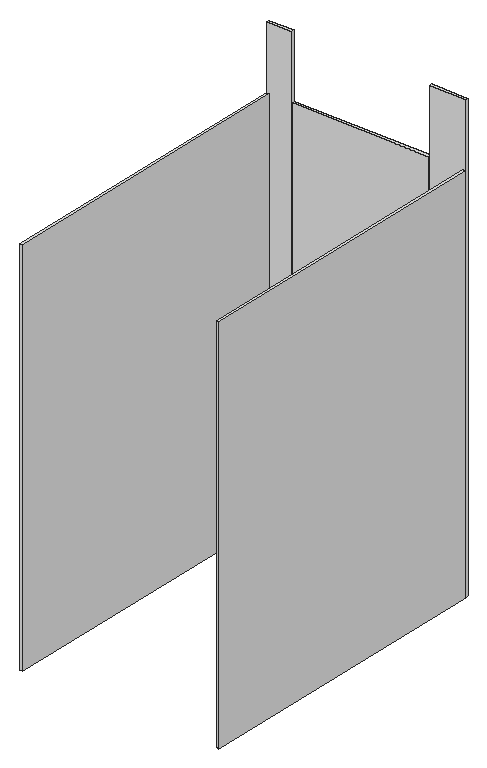
Revit family
Parameters (values of type "3'2"x5'")
  Stanchion Top Elev. = 8' - 0"
  Stanchion Base Elev. = 1' - 0"
  Side Panel Top Elev. = 7' - 0"
  Side Panel Base Elevation = 1' - 0"
  Panel Offset from Wall = 0' - 2"
  Door Width = 2' - 2"
  Door Top Elev. = 7' - 0"
  Door Base Elevation = 1' - 0"
  Cubicle width = 3' - 3"
  Cubicle Depth = 5' - 0"
  Assembly Code = ""
Types (3): name | Stanchion Base Elev. | Side Panel Top Elev. | Side Panel Base Elevation | Door Width | Door Top Elev. | Door Base Elevation | Cubicle width | Cubicle Depth
  3'2"x5' | 1' - 0" | 7' - 0" | 1' - 0" | 2' - 2" | 7' - 0" | 1' - 0" | 3' - 3" | 5' - 0"
  Toilet_Cubicle | 0' - 5" | 5' - 11" | 1' - 4.30914" | 2' - 2" | 7' - 2" | 0' - 9 3/4" | 2' - 11" | 5' - 8 3/4"
  3'1"x6' | 1' - 0" | 7' - 0" | 1' - 0" | 2' - 5" | 7' - 0" | 1' - 0" | 3' - 1" | 6' - 0"
Reference planes (in)
  plane 1: y = 0
  plane 2 "Center (Left/Right)": x = 0
  plane 3 "Back": y = 3
  plane 4: x = 19.5
  plane 5: x = -19.5
  plane 6: y = 63.25
  plane 7: x = -17.25
  plane 8: x = -17.75
  plane 9: x = 19.75
  plane 10: x = 19.75
  plane 11: y = 63
  plane 12: y = 63.5
  plane 13 "stanchion top": z = 96
  plane 14 "side panel top": z = 84
  plane 15 "stanchion bottom": z = 12
  plane 16 "door bottom": z = 12
  plane 17 "door top": z = 84
  plane 18 "side panel bottom": z = 12
  plane 19: x = 13
  plane 20: x = -13
  plane 21: y = 5
Forms (in)
  Extrusion 1, solid, material "OFF WHITE"
    sketch origin (0, 0, 0) x (1, 0, 0) y (0, 1, 0)
      loop
        line (-17.75, 5) -> (-17.25, 5) -> (-17.25, 63) -> (-17.75, 63) -> (-17.75, 5)
    from 12 to 84
  Extrusion 2, solid, material "OFF WHITE"
    sketch origin (0, 0, 0) x (1, 0, 0) y (0, 1, 0)
      loop
        line (19.25, 63) -> (19.25, 5) -> (19.75, 5) -> (19.75, 63) -> (19.25, 63)
    from 12 to 84
  Extrusion 3, solid, material "OFF WHITE"
    sketch origin (0, 0, 0) x (1, 0, 0) y (0, 1, 0)
      loop
        line (-17.75, 63.5) -> (-17.75, 63) -> (-13, 63) -> (-13, 63.5) -> (-17.75, 63.5)
    from 12 to 96
  Extrusion 4, solid, material "OFF WHITE"
    sketch origin (0, 0, 0) x (1, 0, 0) y (0, 1, 0)
      loop
        line (13, 63.5) -> (13, 63) -> (19.75, 63) -> (19.75, 63.5) -> (13, 63.5)
    from 12 to 96
  Extrusion 5, solid, material "OFF WHITE"
    sketch origin (0, 0, 0) x (1, 0, 0) y (0, 1, 0)
      loop
        line (-12.76176, 63) -> (12.80931, 63) -> (12.80931, 63.5) -> (-12.76176, 63.5) -> (-12.76176, 63)
    from 12 to 84
Lines and regions (in)
  symbolic lines
    curve 1: arc (-9.91102, 75.13483, 0) -> (-12.05804, 69.49011, 0) -> (-12.82683, 63.5, 0) r 25.66961
    curve 2: line (12.84155, 63.5, 0) -> (-9.91102, 75.13483, 0)
    curve 3: line (12.61393, 63.05486, 0) -> (-10.13817, 74.68945, 0)
    curve 4: line (12.61393, 63.05486, 0) -> (12.84155, 63.5, 0)
Text (in)
  text "Placement Side" at (0, 40.15149, 123.01588), in view "Right"
  text "Placement Side" at (-58.6842, 42.74981, 0), in view "Ref. Level"
  text "Placement Side" at (0, 47.49176, 140.59947), in view "Left"
Dimensions and locks (in)
  plane 3 "Back" to host wall = 0' - 0"
  plane 10 to plane 9 = 0' - 0"
  "Cubicle width": plane 5 to plane 4
  plane 4 to plane 10 to plane 9 = 0' - 0 1/4", 0' - 0"
  "Stanchion Base Elev.": level to plane 15 "stanchion bottom"
  "Door Base Elevation": level to plane 16 "door bottom"
  "Side Panel Base Elevation": level to plane 18 "side panel bottom"
  "Side Panel Top Elev.": level to plane 14 "side panel top"
  "Door Top Elev.": level to plane 17 "door top"
  "Stanchion Top Elev.": level to plane 13 "stanchion top"
  plane 5 to plane 2 "Center (Left/Right)" to plane 4 = 1' - 7 1/2", 1' - 7 1/2"
  "Cubicle Depth": plane 11 to host wall
  plane 11 to plane 6 to plane 12 = 0' - 0 1/4", 0' - 0 1/4"
  plane 20 to plane 2 "Center (Left/Right)" to plane 19 = 1' - 1", 1' - 1"
  "Door Width": plane 20 to plane 19
  "Panel Offset from Wall": plane 21 to host wall
  aligned: plane 11 to Extrusion 4  (x2)
  aligned: Extrusion 4 to plane 12
  aligned: Extrusion 4 to plane 10
  aligned: Extrusion 3 to plane 12  (x2)
  aligned: plane 11 to Extrusion 3  (x3)
  aligned: Extrusion 2 to plane 11  (x2)
  aligned: plane 9 to plane 10
  aligned: plane 11 to Extrusion 5  (x2)
  aligned: Extrusion 5 to plane 12
  aligned: plane 13 "stanchion top" to Extrusion 4
  aligned: plane 13 "stanchion top" to Extrusion 3
  aligned: Extrusion 3 to plane 13 "stanchion top"
  aligned: plane 14 "side panel top" to Extrusion 2
  aligned: plane 14 "side panel top" to Extrusion 1
  aligned: Extrusion 3 to plane 15 "stanchion bottom"
  aligned: Extrusion 4 to plane 15 "stanchion bottom"
  aligned: plane 15 "stanchion bottom" to Extrusion 3
  aligned: Extrusion 5 to plane 16 "door bottom"
  aligned: Extrusion 1 to plane 18 "side panel bottom"
  aligned: Extrusion 2 to plane 18 "side panel bottom"
  aligned: plane 18 "side panel bottom" to Extrusion 1
  aligned: plane 17 "door top" to Extrusion 5
  aligned: plane 20 to Extrusion 3
  aligned: Extrusion 4 to plane 19
  aligned: Extrusion 1 to plane 21
  aligned: Extrusion 2 to plane 21
Automatic sketch dimensions
  Extrusion 1 sketch curve to plane 8 = 0' - 0"
  Extrusion 1 sketch curve to plane 7 = 0' - 0"
  host wall to Extrusion 1 sketch curve = 0' - 2"
  Extrusion 1 sketch curve to plane 11 = 0' - 0"
  host wall to Extrusion 2 sketch curve = 0' - 2"
  Extrusion 2 sketch curve to plane 11 = 0' - 0"
  Extrusion 2 sketch curve to plane 9 = 0' - 0"
  plane 4 to Extrusion 2 sketch curve = 0' - 0 1/4"
  Extrusion 3 sketch curve to plane 8 = 0' - 0"
  Extrusion 3 sketch curve to plane 11 = 0' - 0"
  plane 20 to Extrusion 3 sketch curve = 0' - 0"
  Extrusion 3 sketch curve to plane 12 = 0' - 0"
  Extrusion 4 sketch curve to plane 11 = 0' - 0"
  Extrusion 4 sketch curve to plane 19 = 0' - 0"
  Extrusion 4 sketch curve to plane 9 = 0' - 0"
  Extrusion 4 sketch curve to plane 12 = 0' - 0"
  Extrusion 5 sketch curve to plane 12 = 0' - 0"
  Extrusion 5 sketch curve to plane 11 = 0' - 0"
  plane 20 to Extrusion 5 sketch curve = 0' - 0.23824"
  Extrusion 5 sketch curve to plane 19 = 0' - 0.19069"
  curve 1 to plane 12 = 0' - 0"
  curve 1 to plane 6 = 0' - 0"
  curve 4 to plane 12 = 0' - 0"
  plane 20 to curve 1 = 0' - 0.17317"
  curve 3 to curve 1 = 0' - 0.22715"
  curve 3 to plane 11 = 0' - 0.05486"
  curve 1 to plane 19 = 0' - 0.15845"
  curve 2 to plane 19 = 0' - 0.15845"
